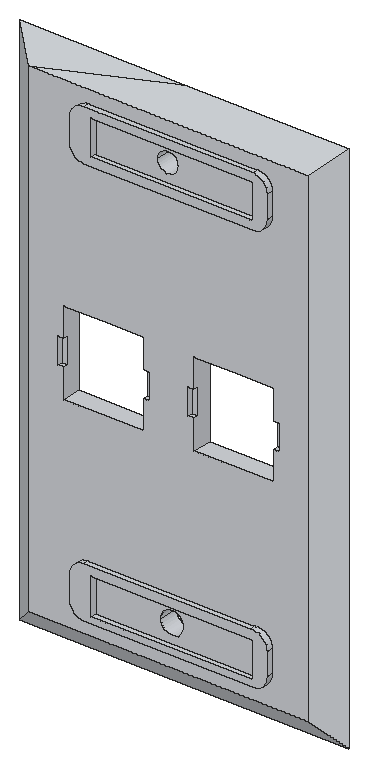
Revit family
Parameters
  Material ID = "760072181"
  Description = "STAINLESS STEEL TYPE FLUSH MOUNTED FACEPLATE, TWO PORT"
Reference planes (in)
  plane 1 "Center (Front/Back)": y = 0
  plane 2: z = 0
  plane 3 "Center (Left/Right)": x = 0
Forms (in)
  Extrusion 1, solid, not visible
    sketch origin (0, -14.305, 0) x (1, 0, 0) y (0, 0, 1)
      loop
        line (-8.5516, 0.86) -> (-8.5516, 0.46) -> (-7.9516, 0.46) -> (-7.9516, 0.86) -> (-8.5516, 0.86)
    from 0 to 0.77696
  Blend 2, solid
    base sketch origin (0, 0, 0) x (1, 0, 0) y (0, 0, 1)
      loop
        line (0, 2.25) -> (-1.375, 2.25) -> (-1.375, -2.25) -> (1.375, -2.25) -> (1.375, 2.25) -> (0, 2.25)
    top sketch origin (0, 0, 0) x (1, 0, 0) y (0, 0, 1)
      loop
        line (-1.175, 2.05) -> (-1.175, -2.05) -> (1.175, -2.05) -> (1.175, 2.05) -> (-1.175, 2.05)
    from 0 to 0.16
  Extrusion 3, void
    sketch origin (0, 0, 0) x (1, 0, 0) y (0, 0, 1)
      loop
        line (-0.54584, 0.354) -> (-0.88084, 0.354) -> (-0.88084, -0.354) -> (-0.21084, -0.354) -> (-0.21084, 0.354) -> (-0.54584, 0.354)
      loop
        line (0.54584, 0.354) -> (0.21084, 0.354) -> (0.21084, -0.354) -> (0.88084, -0.354) -> (0.88084, 0.354) -> (0.54584, 0.354)
    from 0 to 12
  Extrusion 4, void
    sketch origin (0, 0, 0) x (1, 0, 0) y (0, 0, 1)
      loop
        line (-0.88084, 0.109) -> (-0.93034, 0.109) -> (-0.93034, -0.109) -> (-0.88084, -0.109) -> (-0.88084, 0.109)
      loop
        line (-0.16134, 0.109) -> (-0.21084, 0.109) -> (-0.21084, -0.109) -> (-0.16134, -0.109) -> (-0.16134, 0.109)
      loop
        line (0.21084, 0.109) -> (0.16134, 0.109) -> (0.16134, -0.109) -> (0.21084, -0.109) -> (0.21084, 0.109)
      loop
        line (0.93034, 0.109) -> (0.88084, 0.109) -> (0.88084, -0.109) -> (0.93034, -0.109) -> (0.93034, 0.109)
    from 0.12015 to 12
  Extrusion 5, solid
    sketch origin (0, 0, 0) x (1, 0, 0) y (0, 0, 1)
      loop
        arc (-0.67361, 1.94028) -> (-0.75645, 1.90597) -> (-0.79076, 1.82314) r 0.11715
        line (-0.79076, 1.82314) -> (-0.79076, 1.63288)
        arc (-0.79076, 1.63288) -> (-0.75561, 1.54803) -> (-0.67076, 1.51288) r 0.12
        line (-0.67076, 1.51288) -> (0.74543, 1.51288)
        arc (0.74543, 1.51288) -> (0.83028, 1.54803) -> (0.86543, 1.63288) r 0.12
        line (0.86543, 1.63288) -> (0.86543, 1.82298)
        arc (0.86543, 1.82298) -> (0.83107, 1.90593) -> (0.74812, 1.94028) r 0.1173
        line (0.74812, 1.94028) -> (-0.67361, 1.94028)
      loop
        arc (-0.67758, -1.49345) -> (-0.75799, -1.53085) -> (-0.79076, -1.61325) r 0.12
        line (-0.79076, -1.61325) -> (-0.79076, -1.80085)
        arc (-0.79076, -1.80085) -> (-0.75561, -1.8857) -> (-0.67076, -1.92085) r 0.12
        line (-0.67076, -1.92085) -> (0.74543, -1.92085)
        arc (0.74543, -1.92085) -> (0.83028, -1.8857) -> (0.86543, -1.80085) r 0.12
        line (0.86543, -1.80085) -> (0.86543, -1.61078)
        arc (0.86543, -1.61078) -> (0.82087, -1.51746) -> (0.72028, -1.49345) r 0.12
        line (0.72028, -1.49345) -> (-0.67758, -1.49345)
    from 0.16 to 0.21
  Extrusion 6, void
    sketch origin (0, 0, 0) x (1, 0, 0) y (0, 0, 1)
      loop
        line (-0.61626, 1.87578) -> (-0.61626, 1.58136) -> (0.74616, 1.58136) -> (0.74616, 1.87578) -> (-0.61626, 1.87578)
      loop
        line (-0.61626, -1.5623) -> (-0.61626, -1.86769) -> (0.74616, -1.86769) -> (0.74616, -1.5623) -> (-0.61626, -1.5623)
    from 0.16 to 12
  Extrusion 7, void
    sketch origin (0, 0, 0) x (1, 0, 0) y (0, 0, 1)
      loop
        circle (-0.00737, 1.7343) r 0.08643
      loop
        circle (0.02621, -1.71162) r 0.09717
    from 0 to 12
  Sweep 8, void
    path origin (0, 0, 0) x (1, 0, 0) y (0, 0, 1)
      loop
        line (1.16481, 2.09677) -> (-1.17156, 2.09677) -> (-1.17156, -2.1669) -> (1.16481, -2.1669) -> (1.16481, 2.09677)
    profile origin (-0.00338, 0, 2.09677) x (0, 0, -1) y (0, -1, 0)
      loop
        line (0, 0) -> (0.20284, 0) -> (0.20284, 0.08203) -> (0.08203, 0.08203) -> (0, 0)
Cuts and joins
  Extrusion 3, Extrusion 4, Extrusion 6, Extrusion 7, Sweep 8 cuts Blend 2
  Extrusion 6, Extrusion 7 cuts Extrusion 5
